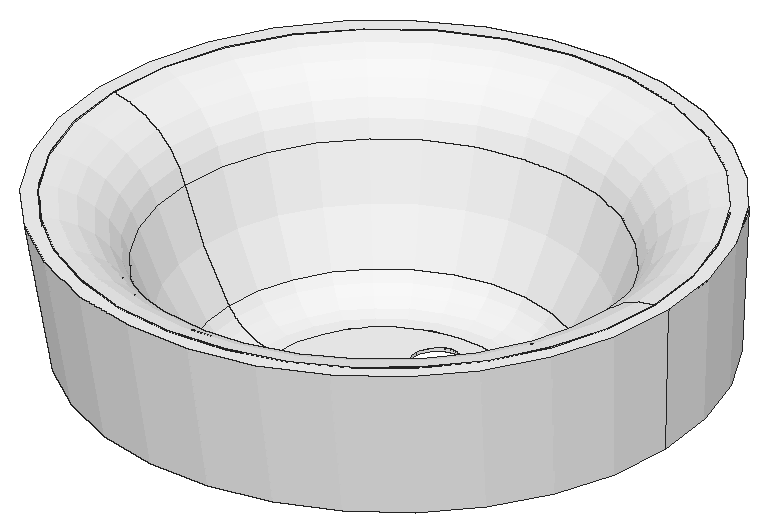
Revit family "soul1", category Plumbing Fixtures, Revit 2013
Parameters
  Material = Ceramic
Reference planes
  plane 1 "Center (Front/Back)": y = 0
  plane 2: z = 0
  plane 3 "Center (Left/Right)": x = 0
Forms (mm)
  Blend 1, solid, material "Ceramic" <- "Material"
    base sketch origin (0, -40, 0) x (1, 0, 0) y (0, 1, 0)
      loop
        circle (0, 0) r 200
    top sketch origin (0, -40, 0) x (1, 0, 0) y (0, 1, 0)
      loop
        circle (0, -10) r 210
    from 0 to 100
  Blend 2, void
    base sketch origin (0, -40, 0) x (1, 0, 0) y (0, 1, 0)
      loop
        circle (0, 0) r 190
    top sketch origin (0, -40, 0) x (1, 0, 0) y (0, 1, 0)
      loop
        circle (0, -10) r 200
    from 0 to 100
  Sweep 3, solid, material "Ceramic" <- "Material"
    path in 3D
      loop
        arc (-200, -50, 100) -> (0, -250, 100) -> (200, -50, 100) r 200
        arc (200, -50, 100) -> (0, 150, 100) -> (-200, -50, 100) r 200
    profile origin (0, 150, 100) x (0, -1, 0) y (0, 0, 1)
      loop
        arc (85.01, -111.174) -> (66.546, -78.38) -> (52.893, -43.31) r 266.094
        arc (52.893, -43.31) -> (32.958, -13.702) -> (0, 0) r 61.974
        line (0, 0) -> (0, -2.011)
        arc (0, -2.011) -> (31.77, -15.314) -> (50.983, -43.902) r 59.974
        arc (50.983, -43.902) -> (64.738, -79.236) -> (83.341, -112.276) r 268.094
        arc (83.341, -112.276) -> (99.186, -126.756) -> (120, -132) r 43.929
        line (120, -132) -> (120, -130)
        arc (120, -130) -> (100.133, -124.995) -> (85.01, -111.174) r 41.929
  Extrusion 4, solid, material "Ceramic" <- "Material"
    sketch origin (0, -40, 0) x (1, 0, 0) y (0, 1, 0)
      loop
        circle (0, -10) r 80
      loop
        circle (-0.577, 40) r 16
    from -32 to -30
Cuts and joins
  Blend 2 cuts Blend 1
  joined: Sweep 3, Extrusion 4
Lines and regions (mm)
  Masking region 1
    outline origin (0, -40, 0) x (1, 0, 0) y (0, 1, 0)
      loop
        circle (0, -10) r 210
  sketch lines
    curve 1: circle (0, -50, 100) r 200 normal (0, 0, 1)
  symbolic lines
    curve 2: circle (0, -50, 0) r 200 normal (0, 0, 1)
    curve 3: circle (0, -40, 0) r 170 normal (0, 0, 1)
    curve 4: circle (-0.577, 0, 0) r 16 normal (0, 0, -1)
    curve 5: circle (-2.708, 0, 0) r 75.049 normal (0, 0, -1)
Dimensions and locks
  aligned and locked: level to plane 2
